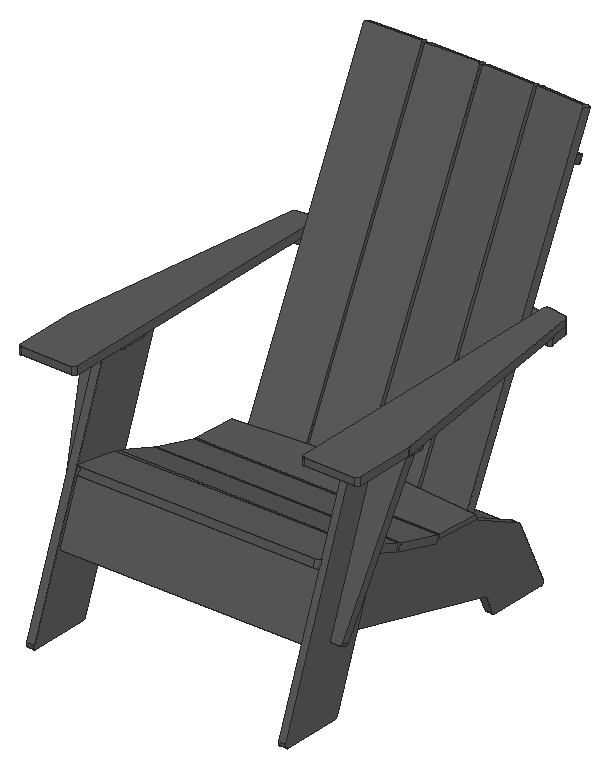
Revit family "Lollygagger Adirondack 4 Slat", category Furniture, Revit 2016
Family settings
  OmniClass Number = 23.40.20.00
  OmniClass Title = General Furniture and Specialties
  Work Plane-Based = No
  Always vertical = Yes
  Cut with Voids When Loaded = No
  Shared = No
  Room Calculation Point = No
Parameters (values of type "Loll-Black")
  Width = 34 3/4"  # constant formula
  URL = "https://lolldesigns.com/"
  Type Image = adirondack_4slat.jpg
  Thick = 5/8"  # constant formula
  Model = ""
  Manufacturer = "Loll"  # constant formula
  Length = 28 1/2"  # constant formula
  Height Arm = 20 5/64"  # constant formula
  Finish Material = Loll-Black
Reference planes (in)
  plane 1 "Center Front/Back": y = 0
  plane 2: z = 0
  plane 3 "Center Left/Right": x = 0
  plane 4: x = 14.25
  plane 5: x = -14.25
  plane 6: y = 17.37188
  plane 7: y = -17.37812
  plane 8: x = 10.86384
  plane 9: x = -10.88616
  plane 10: z = 20.07812
  plane 11: z = 19.45312
  plane 12: x = -10.26116
  plane 13: x = 10.23884
  plane 14: y = -14.04886
  plane 15: z = 18.82812
Forms (in)
  Extrusion 1, solid, material "Loll-Black" <- "Finish Material"
    sketch origin (-11.34614, -1.87695, 19.45483) x (0, -1, 0) y (1, 0, 0)
      loop
        arc (-13.25166, 1.84249) -> (-13.44224, 1.75429) -> (-13.49835, 1.55193) r 0.25
        line (-13.49835, 1.55193) -> (-13.25763, 0.09166)
        arc (-13.25763, 0.09166) -> (-13.18565, -0.04661) -> (-13.04574, -0.11535) r 0.25
        line (-13.04574, -0.11535) -> (6.77727, -2.90129)
        arc (6.77727, -2.90129) -> (6.79463, -2.90312) -> (6.81207, -2.90373) r 0.25
        line (6.81207, -2.90373) -> (11.92192, -2.90373)
        arc (11.92192, -2.90373) -> (12.09869, -2.8305) -> (12.17192, -2.65373) r 0.25
        line (12.17192, -2.65373) -> (12.17192, 1.59249)
        arc (12.17192, 1.59249) -> (12.09869, 1.76926) -> (11.92192, 1.84249) r 0.25
        line (11.92192, 1.84249) -> (-13.25166, 1.84249)
    from -0.00171 to 0.62329
  Extrusion 2, solid, material "Loll-Black" <- "Finish Material"
    sketch origin (11.32383, -1.87695, 19.45483) x (0, -1, 0) y (1, 0, 0)
      loop
        arc (-13.04574, 0.13779) -> (-13.18565, 0.06905) -> (-13.25763, -0.06921) r 0.25
        line (-13.25763, -0.06921) -> (-13.49835, -1.52948)
        arc (-13.49835, -1.52948) -> (-13.44224, -1.73184) -> (-13.25166, -1.82004) r 0.25
        line (-13.25166, -1.82004) -> (11.92192, -1.82004)
        arc (11.92192, -1.82004) -> (12.09869, -1.74682) -> (12.17192, -1.57004) r 0.25
        line (12.17192, -1.57004) -> (12.17192, 2.67617)
        arc (12.17192, 2.67617) -> (12.09869, 2.85295) -> (11.92192, 2.92617) r 0.25
        line (11.92192, 2.92617) -> (6.81207, 2.92617)
        arc (6.81207, 2.92617) -> (6.79463, 2.92556) -> (6.77727, 2.92374) r 0.25
        line (6.77727, 2.92374) -> (-13.04574, 0.13779)
    from -0.00171 to 0.62329
  Extrusion 3, solid, material "Loll-Black" <- "Finish Material"
    sketch origin (-0.01116, -13.76166, 9.0035) x (1, 0, 0) y (0, 0.358368, 0.93358)
      loop
        line (10.25, -2.72313) -> (10.25, 2.77746) -> (9.62439, 2.77746)
        arc (9.62439, 2.77746) -> (0.01123, 2.65207) -> (-9.60194, 2.77687) r 369.42266
        line (-9.60194, 2.77687) -> (-10.25, 2.77687) -> (-10.25, -2.72313) -> (10.25, -2.72313)
    from -0.625 to 0
  Extrusion 4, solid, material "Loll-Black" <- "Finish Material"
    sketch origin (-10.26116, -10.90292, 10.12102) x (0, -0.93358, 0.358368) y (0, -0.358368, -0.93358)
      loop
        line (2.51973, -9.0288) -> (2.51973, 11.44456)
        arc (2.51973, 11.44456) -> (2.41134, 11.65059) -> (2.18014, 11.67796) r 0.25
        line (2.18014, 11.67796) -> (-2.31986, 9.95057)
        arc (-2.31986, 9.95057) -> (-2.4363, 9.85878) -> (-2.48027, 9.71717) r 0.25
        line (-2.48027, 9.71717) -> (-2.48027, -10.94812) -> (-1.18605, -10.45132) -> (-1.34266, -10.04334) -> (-1.09993, -9.95017) -> (-1.05334, -10.07153) -> (0.67845, -9.40676) -> (0.63186, -9.2854) -> (0.87459, -9.19222) -> (1.0312, -9.6002) -> (2.51973, -9.0288)
    from -0.625 to 0
  Extrusion 5, solid, material "Loll-Black" <- "Finish Material"
    sketch origin (-3.01116, -10.90292, 10.12102) x (0, -0.93358, 0.358368) y (0, -0.358368, -0.93358)
      loop
        line (2.51838, -9.02932) -> (2.51838, 11.44404)
        arc (2.51838, 11.44404) -> (2.40998, 11.65007) -> (2.17879, 11.67744) r 0.25
        line (2.17879, 11.67744) -> (-2.32121, 9.95005)
        arc (-2.32121, 9.95005) -> (-2.43765, 9.85825) -> (-2.48162, 9.71665) r 0.25
        line (-2.48162, 9.71665) -> (-2.48162, -10.94864) -> (-1.18605, -10.45132) -> (-1.34402, -10.03981) -> (-1.10129, -9.94663) -> (-1.0547, -10.068) -> (0.67709, -9.40322) -> (0.6305, -9.28186) -> (0.87323, -9.18868) -> (1.0312, -9.6002) -> (2.51838, -9.02932)
    from 13.25 to 13.875
  Extrusion 6, solid, material "Loll-Black" <- "Finish Material"
    sketch origin (-9.63616, -1.7845, 5.66873) x (0, 0, 1) y (0, -1, 0)
      loop
        line (-4.03394, -6.1895) -> (-5.52439, -6.88451)
        arc (-5.52439, -6.88451) -> (-5.62958, -6.97676) -> (-5.66873, -7.11109) r 0.25
        line (-5.66873, -7.11109) -> (-5.66873, -11.91512)
        arc (-5.66873, -11.91512) -> (-5.55306, -12.12597) -> (-5.31308, -12.1417) r 0.25
        line (-5.31308, -12.1417) -> (0.02024, -9.65473)
        arc (0.02024, -9.65473) -> (0.08982, -9.60647) -> (0.13929, -9.53775) r 0.25
        line (0.13929, -9.53775) -> (2.2172, -5.27739)
        arc (2.2172, -5.27739) -> (2.23434, -5.23117) -> (2.24207, -5.18248) r 0.25
        line (2.24207, -5.18248) -> (2.47898, -1.15481) -> (3.67286, 3.0794) -> (5.26103, 7.14949) -> (5.77469, 10.10331) -> (5.61374, 10.1651)
        arc (5.61374, 10.1651) -> (5.47494, 10.29681) -> (5.46994, 10.48808) r 0.25
        line (5.46994, 10.48808) -> (0.80203, 12.27992) -> (0.70169, 12.01853) -> (-3.89898, -6.03077)
        arc (-3.89898, -6.03077) -> (-3.94914, -6.12487) -> (-4.03394, -6.1895) r 0.25
    from -0.625 to 0
  Extrusion 7, solid, material "Loll-Black" <- "Finish Material"
    sketch origin (6.86384, -1.7845, 5.66873) x (0, 0, 1) y (0, -1, 0)
      loop
        line (-4.03394, -6.1895) -> (-5.52439, -6.88451)
        arc (-5.52439, -6.88451) -> (-5.62958, -6.97676) -> (-5.66873, -7.11109) r 0.25
        line (-5.66873, -7.11109) -> (-5.66873, -11.91512)
        arc (-5.66873, -11.91512) -> (-5.55306, -12.12597) -> (-5.31308, -12.1417) r 0.25
        line (-5.31308, -12.1417) -> (0.02024, -9.65473)
        arc (0.02024, -9.65473) -> (0.08982, -9.60647) -> (0.13929, -9.53775) r 0.25
        line (0.13929, -9.53775) -> (2.2172, -5.27739)
        arc (2.2172, -5.27739) -> (2.23434, -5.23117) -> (2.24207, -5.18248) r 0.25
        line (2.24207, -5.18248) -> (2.47898, -1.15481) -> (3.67286, 3.0794) -> (5.26103, 7.14949) -> (5.77469, 10.10331) -> (5.61374, 10.1651)
        arc (5.61374, 10.1651) -> (5.47494, 10.29681) -> (5.46994, 10.48808) r 0.25
        line (5.46994, 10.48808) -> (0.80203, 12.27992) -> (0.70169, 12.01853) -> (-3.89898, -6.03077)
        arc (-3.89898, -6.03077) -> (-3.94914, -6.12487) -> (-4.03394, -6.1895) r 0.25
    from 2.75 to 3.375
  Extrusion 8, solid, material "Loll-Black" <- "Finish Material"
    sketch origin (-0.01116, 1.64458, 7.82612) x (0, 0.998275, -0.058719) y (1, 0, 0)
      loop
        arc (1.61699, -10.25) -> (2.63583, 0) -> (1.61699, 10.25) r 52.06962
        line (1.61699, 10.25) -> (-2.11282, 10.25) -> (-2.11282, -10.25) -> (1.61699, -10.25)
    from -0.625 to 0
  Extrusion 9, solid, material "Loll-Black" <- "Finish Material"
    sketch origin (-0.01116, -2.81072, 8.56787) x (0, 0.962473, -0.271379) y (1, 0, 0)
      loop
        line (2.03906, -10.25) -> (2.03906, 10.25379) -> (-2.03906, 10.25379) -> (-2.03906, -10.25) -> (2.03906, -10.25)
    from -0.625 to 0
  Extrusion 10, solid, material "Loll-Black" <- "Finish Material"
    sketch origin (-0.01116, -6.98711, 9.96881) x (0, 0.93159, -0.363512) y (1, 0, 0)
      loop
        line (-2.03906, 10.25379) -> (-2.03906, -10.25) -> (2.03906, -10.25) -> (2.03906, 10.25379) -> (-2.03906, 10.25379)
    from -0.625 to 0
  Extrusion 11, solid, material "Loll-Black" <- "Finish Material"
    sketch origin (-0.01116, -11.04345, 11.74065) x (1, 0, 0) y (0, 0.985215, -0.171324)
      loop
        line (-10.24257, 2.0734) -> (-10.24257, -1.72687)
        arc (-10.24257, -1.72687) -> (-10.13273, -1.99204) -> (-9.86757, -2.10187) r 0.375
        line (-9.86757, -2.10187) -> (9.87879, -2.10187)
        arc (9.87879, -2.10187) -> (10.14395, -1.99204) -> (10.25379, -1.72687) r 0.375
        line (10.25379, -1.72687) -> (10.25379, 2.0734) -> (-10.24257, 2.0734)
    from -0.625 to 0
  Extrusion 12, solid, material "Loll-Black" <- "Finish Material"
    sketch origin (11.80559, -10.12644, 13.06711) x (-1, 0, 0) y (0, -0.358368, -0.93358)
      loop
        line (-1.69448, -6.24736) -> (-1.69448, -6.50745) -> (0.94174, -6.50745) -> (0.94174, 7.50264) -> (0.15271, 7.50264)
        arc (0.15271, 7.50264) -> (-0.01337, 7.4395) -> (-0.09556, 7.28198) r 0.25
        line (-0.09556, 7.28198) -> (-1.69448, -6.24736)
    from -0.625 to 0
  Extrusion 13, solid, material "Loll-Black" <- "Finish Material"
    sketch origin (-11.8279, -9.54295, 12.84313) x (1, 0, 0) y (0, -0.358368, -0.93358)
      loop
        line (-1.67204, -6.24736) -> (-1.67204, -6.50745) -> (0.94174, -6.50745) -> (0.94174, 7.50264) -> (0.17516, 7.50264)
        arc (0.17516, 7.50264) -> (0.00908, 7.4395) -> (-0.07311, 7.28198) r 0.25
        line (-0.07311, 7.28198) -> (-1.67204, -6.24736)
    from -0.625 to 0
  Extrusion 14, solid, material "Loll-Black" <- "Finish Material"
    sketch origin (-0.32366, -3.77232, 7.45771) x (0, -0.983508, 0.180862) y (0, 0.180862, 0.983508)
      loop
        line (-9.48348, -1.36895) -> (9.58468, -1.36895)
        arc (9.58468, -1.36895) -> (9.60772, -1.36788) -> (9.63058, -1.3647) r 0.25
        line (9.63058, -1.3647) -> (9.66846, -1.35762) -> (9.02566, 2.08378)
        arc (9.02566, 2.08378) -> (8.99139, 2.07682) -> (8.95649, 2.07471) r 0.25
        line (8.95649, 2.07471) -> (5.73847, 2.1059) -> (1.46728, 1.2837) -> (-2.9717, 0.86985) -> (-6.63029, 1.32256) -> (-10.55812, 0.22736)
        arc (-10.55812, 0.22736) -> (-10.63343, 0.16836) -> (-10.64495, 0.07338) r 0.125
        line (-10.64495, 0.07338) -> (-10.44673, -0.63753)
        arc (-10.44673, -0.63753) -> (-10.08821, -1.16537) -> (-9.48348, -1.36895) r 1
    from -0.625 to 0
  Extrusion 15, solid, material "Loll-Black" <- "Finish Material"
    sketch origin (-0.01116, 5.8202, 6.52483) x (1, 0, 0) y (0, 0.898794, -0.438371)
      loop
        line (-9.625, 1.70263) -> (-9.625, -2.29737) -> (-9.22039, -2.29737) -> (-9.26974, -1.96342) -> (-4.87095, -1.31339) -> (-4.85102, -1.44822) -> (-4.57079, -1.42893) -> (-4.57659, -1.29899) -> (-0.14351, -1.10098) -> (-0.13749, -1.23578) -> (0.14351, -1.23578) -> (0.14351, -1.09876) -> (4.57659, -1.29677) -> (4.57079, -1.42671) -> (4.85102, -1.44601) -> (4.87095, -1.31117) -> (9.27579, -1.9621) -> (9.22624, -2.29737) -> (9.62879, -2.29737) -> (9.62879, 1.70263) -> (-9.625, 1.70263)
    from -0.625 to 0
  Extrusion 16, solid, material "Loll-Black" <- "Finish Material"
    sketch origin (-11.34614, -1.87695, 19.45312) x (1, 0, 0) y (0, -1, 0)
      loop
        arc (1.15533, 4.11078) -> (1.33182, 4.18389) -> (1.40492, 4.36037) r 0.24959
        line (1.40492, 4.36037) -> (1.40492, 6.36078)
        arc (1.40492, 6.36078) -> (1.3317, 6.53756) -> (1.15492, 6.61078) r 0.25
        line (1.15492, 6.61078) -> (-1.46629, 6.61078)
        arc (-1.46629, 6.61078) -> (-2.08501, 6.3545) -> (-2.34129, 5.73578) r 0.875
        line (-2.34129, 5.73578) -> (-2.34129, 4.98578)
        arc (-2.34129, 4.98578) -> (-2.08501, 4.36706) -> (-1.46629, 4.11078) r 0.875
        line (-1.46629, 4.11078) -> (1.15533, 4.11078)
      loop
        circle (-0.85634, 4.73887) r 0.15505
    from 0.625 to 0
  Extrusion 17, solid, material "Loll-Black" <- "Finish Material"
    sketch origin (11.34614, -1.87695, 19.45312) x (1, 0, 0) y (0, -1, 0)
      loop
        line (-1.14046, 4.11078) -> (1.48495, 4.11078)
        arc (1.48495, 4.11078) -> (2.10367, 4.36706) -> (2.35995, 4.98578) r 0.875
        line (2.35995, 4.98578) -> (2.35995, 5.73578)
        arc (2.35995, 5.73578) -> (2.10367, 6.3545) -> (1.48495, 6.61078) r 0.875
        line (1.48495, 6.61078) -> (-1.14005, 6.61078)
        arc (-1.14005, 6.61078) -> (-1.31683, 6.53756) -> (-1.39005, 6.36078) r 0.25
        line (-1.39005, 6.36078) -> (-1.39005, 4.36037)
        arc (-1.39005, 4.36037) -> (-1.31695, 4.18389) -> (-1.14046, 4.11078) r 0.24959
      loop
        circle (0.87499, 4.73887) r 0.15505
    from 0.625 to 0
  Extrusion 18, solid, material "Loll-Black" <- "Finish Material"
    sketch origin (-7.07702, 10.42112, 19.69219) x (-0.989257, -0.131392, 0.064084) y (0, 0.438371, 0.898794)
      loop
        arc (-2.09375, 14.52335) -> (-2.18214, 14.48673) -> (-2.21875, 14.39835) r 0.125
        line (-2.21875, 14.39835) -> (-2.21875, -14.47665) -> (2.21875, -14.47665) -> (2.21875, 14.39835)
        arc (2.21875, 14.39835) -> (2.18214, 14.48673) -> (2.09375, 14.52335) r 0.125
        line (2.09375, 14.52335) -> (-2.09375, 14.52335)
    from -0.625 to 0
  Extrusion 19, solid, material "Loll-Black" <- "Finish Material"
    sketch origin (-2.34776, 10.26381, 19.79582) x (0, 0.438371, 0.898794) y (-0.999004, -0.040107, 0.019562)
      loop
        line (14.49917, -2.0982) -> (14.49917, 2.0893)
        arc (14.49917, 2.0893) -> (14.46256, 2.17769) -> (14.37417, 2.2143) r 0.125
        line (14.37417, 2.2143) -> (-14.50083, 2.2143) -> (-14.50083, -1.9107) -> (-14.43833, -1.9107)
        arc (-14.43833, -1.9107) -> (-14.26156, -1.98392) -> (-14.18833, -2.1607) r 0.25
        line (-14.18833, -2.1607) -> (-14.18833, -2.2232) -> (14.37417, -2.2232)
        arc (14.37417, -2.2232) -> (14.46256, -2.18659) -> (14.49917, -2.0982) r 0.125
    from -0.625 to 0
  Extrusion 20, solid, material "Loll-Black" <- "Finish Material"
    sketch origin (7.07702, 10.42112, 19.69219) x (0.989257, -0.131392, 0.064084) y (0, -0.438371, -0.898794)
      loop
        line (-2.09375, -14.52335) -> (2.09375, -14.52335)
        arc (2.09375, -14.52335) -> (2.18214, -14.48673) -> (2.21875, -14.39835) r 0.125
        line (2.21875, -14.39835) -> (2.21875, 14.47665) -> (-2.21875, 14.47665) -> (-2.21875, -14.39835)
        arc (-2.21875, -14.39835) -> (-2.18214, -14.48673) -> (-2.09375, -14.52335) r 0.125
    from -0.625 to 0
  Extrusion 21, solid, material "Loll-Black" <- "Finish Material"
    sketch origin (2.34776, 10.26381, 19.79582) x (0, 0.438371, 0.898794) y (-0.999004, 0.040107, -0.019562)
      loop
        arc (14.49917, 2.0982) -> (14.46256, 2.18659) -> (14.37417, 2.2232) r 0.125
        line (14.37417, 2.2232) -> (-14.18833, 2.2232) -> (-14.18833, 2.1607)
        arc (-14.18833, 2.1607) -> (-14.26156, 1.98392) -> (-14.43833, 1.9107) r 0.25
        line (-14.43833, 1.9107) -> (-14.50083, 1.9107) -> (-14.50083, -2.2143) -> (14.37417, -2.2143)
        arc (14.37417, -2.2143) -> (14.46256, -2.17769) -> (14.49917, -2.0893) r 0.125
        line (14.49917, -2.0893) -> (14.49917, 2.0982)
    from -0.625 to 0
  Extrusion 22, solid, material "Loll-Black" <- "Finish Material"
    sketch origin (-7.22706, 10.53671, 18.53855) x (-0.070356, 0.427917, 0.901076) y (0.986752, 0.162236, 0)
      loop
        line (-1.33393, 0.5) -> (-1.33393, -0.5)
        arc (-1.33393, -0.5) -> (-1.07765, -1.11872) -> (-0.45893, -1.375) r 0.875
        line (-0.45893, -1.375) -> (0.91607, -1.375)
        arc (0.91607, -1.375) -> (1.09284, -1.30178) -> (1.16607, -1.125) r 0.25
        line (1.16607, -1.125) -> (1.16607, 1.125)
        arc (1.16607, 1.125) -> (1.09284, 1.30178) -> (0.91607, 1.375) r 0.25
        line (0.91607, 1.375) -> (-0.45893, 1.375)
        arc (-0.45893, 1.375) -> (-1.07765, 1.11872) -> (-1.33393, 0.5) r 0.875
      loop
        circle (-0.83294, -0.00056) r 0.14999
    from -0.625 to 0
  Extrusion 23, solid, material "Loll-Black" <- "Finish Material"
    sketch origin (-2.38934, 10.47643, 18.80883) x (0.998767, 0.049636, 0) y (-0.021737, 0.437395, 0.899007)
      loop
        arc (0.5, -1.33393) -> (1.11872, -1.07765) -> (1.375, -0.45893) r 0.875
        line (1.375, -0.45893) -> (1.375, 0.91607)
        arc (1.375, 0.91607) -> (1.30178, 1.09284) -> (1.125, 1.16607) r 0.25
        line (1.125, 1.16607) -> (-1.125, 1.16607)
        arc (-1.125, 1.16607) -> (-1.30178, 1.09284) -> (-1.375, 0.91607) r 0.25
        line (-1.375, 0.91607) -> (-1.375, -0.45893)
        arc (-1.375, -0.45893) -> (-1.11872, -1.07765) -> (-0.5, -1.33393) r 0.875
        line (-0.5, -1.33393) -> (0.5, -1.33393)
      loop
        circle (-0.00166, -0.83134) r 0.14974
    from -0.625 to 0
  Extrusion 24, solid, material "Loll-Black" <- "Finish Material"
    sketch origin (7.22706, 10.53671, 18.53855) x (0.070356, 0.427917, 0.901076) y (0.986752, -0.162236, 0)
      loop
        arc (-1.33393, -0.5) -> (-1.07765, -1.11872) -> (-0.45893, -1.375) r 0.875
        line (-0.45893, -1.375) -> (0.91607, -1.375)
        arc (0.91607, -1.375) -> (1.09284, -1.30178) -> (1.16607, -1.125) r 0.25
        line (1.16607, -1.125) -> (1.16607, 1.125)
        arc (1.16607, 1.125) -> (1.09284, 1.30178) -> (0.91607, 1.375) r 0.25
        line (0.91607, 1.375) -> (-0.45893, 1.375)
        arc (-0.45893, 1.375) -> (-1.07765, 1.11872) -> (-1.33393, 0.5) r 0.875
        line (-1.33393, 0.5) -> (-1.33393, -0.5)
      loop
        circle (-0.83294, 0.00056) r 0.14999
    from -0.625 to 0
  Extrusion 25, solid, material "Loll-Black" <- "Finish Material"
    sketch origin (2.38934, 10.47643, 18.80883) x (-0.998767, 0.049636, 0) y (-0.021737, -0.437395, -0.899007)
      loop
        line (0.5, 1.33393) -> (-0.5, 1.33393)
        arc (-0.5, 1.33393) -> (-1.11872, 1.07765) -> (-1.375, 0.45893) r 0.875
        line (-1.375, 0.45893) -> (-1.375, -0.91607)
        arc (-1.375, -0.91607) -> (-1.30178, -1.09284) -> (-1.125, -1.16607) r 0.25
        line (-1.125, -1.16607) -> (1.125, -1.16607)
        arc (1.125, -1.16607) -> (1.30178, -1.09284) -> (1.375, -0.91607) r 0.25
        line (1.375, -0.91607) -> (1.375, 0.45893)
        arc (1.375, 0.45893) -> (1.11872, 1.07765) -> (0.5, 1.33393) r 0.875
      loop
        circle (-0.00166, 0.83134) r 0.14974
    from -0.625 to 0
  Extrusion 26, solid, material "Loll-Black" <- "Finish Material"
    sketch origin (-7.22706, 15.15449, 28.0064) x (-0.070356, 0.427917, 0.901076) y (0.986752, 0.162236, 0)
      loop
        circle (-0.10763, 0.30253) r 0.15414
      loop
        line (0.75534, 1.36649) -> (0.19427, 1.32648)
        arc (0.19427, 1.32648) -> (-0.73208, 0.2579) -> (0.33651, -0.66845) r 1
        line (0.33651, -0.66845) -> (0.89758, -0.62845) -> (0.75534, 1.36649)
    from -0.625 to 0
  Extrusion 27, solid, material "Loll-Black" <- "Finish Material"
    sketch origin (-2.38934, 15.09421, 28.27668) x (0.998767, 0.049636, 0) y (-0.021737, 0.437395, 0.899007)
      loop
        line (-0.96782, 0.65532) -> (-0.98006, 0.09296)
        arc (-0.98006, 0.09296) -> (-0.00206, -0.92857) -> (1.01946, 0.04944) r 1
        line (1.01946, 0.04944) -> (1.0317, 0.6118) -> (-0.96782, 0.65532)
      loop
        circle (0.01079, -0.30387) r 0.15479
    from -0.625 to 0
  Extrusion 28, solid, material "Loll-Black" <- "Finish Material"
    sketch origin (7.22706, 15.15449, 28.0064) x (0.070356, 0.427917, 0.901076) y (0.986752, -0.162236, 0)
      loop
        circle (-0.10763, -0.30253) r 0.15414
      loop
        line (0.74038, -1.36542) -> (0.88262, 0.62951) -> (0.33651, 0.66845)
        arc (0.33651, 0.66845) -> (-0.73208, -0.2579) -> (0.19427, -1.32648) r 1
        line (0.19427, -1.32648) -> (0.74038, -1.36542)
    from -0.625 to 0
  Extrusion 29, solid, material "Loll-Black" <- "Finish Material"
    sketch origin (2.38934, 15.09421, 28.27668) x (-0.998767, 0.049636, 0) y (-0.021737, -0.437395, -0.899007)
      loop
        line (-0.96782, -0.65532) -> (1.0317, -0.6118) -> (1.01946, -0.04944)
        arc (1.01946, -0.04944) -> (-0.00206, 0.92857) -> (-0.98006, -0.09296) r 1
        line (-0.98006, -0.09296) -> (-0.96782, -0.65532)
      loop
        circle (0.01079, 0.30387) r 0.15479
    from -0.625 to 0
  Extrusion 30, solid, material "Loll-Black" <- "Finish Material"
    sketch origin (-0.01116, 15.88921, 28.59444) x (0, 0.898794, -0.438371) y (1, 0, 0)
      loop
        line (1.12058, -5.03218) -> (1.34536, 0) -> (1.12058, 5.03207) -> (0.63501, 8.33304)
        arc (0.63501, 8.33304) -> (0.56692, 8.47079) -> (0.43111, 8.54269) r 0.25
        line (0.43111, 8.54269) -> (-1.26916, 8.84249) -> (-0.68778, 4.89316) -> (-0.87398, 4.86574) -> (-0.86169, 4.59049) -> (-0.67338, 4.59891) -> (-0.47437, 0.14356) -> (-0.65058, 0.13569) -> (-0.66268, -0.13515) -> (-0.47536, -0.14351) -> (-0.67338, -4.57659) -> (-0.86069, -4.56823) -> (-0.87299, -4.84358) -> (-0.68804, -4.87095) -> (-1.27254, -8.82065) -> (0.43111, -8.52025)
        arc (0.43111, -8.52025) -> (0.56692, -8.44834) -> (0.63501, -8.31059) r 0.25
        line (0.63501, -8.31059) -> (1.12058, -5.03218)
    from -0.625 to 0
  Extrusion 31, solid, material "Loll-Black" <- "Finish Material"
    sketch origin (-0.01116, 10.96931, 18.82983) x (0, -1, 0) y (1, 0, 0)
      loop
        line (-1.42725, -5.06811) -> (-0.41137, -11.24333)
        arc (-0.41137, -11.24333) -> (-0.33939, -11.38159) -> (-0.19948, -11.45033) r 0.25
        line (-0.19948, -11.45033) -> (1.35806, -11.66923)
        arc (1.35806, -11.66923) -> (1.55692, -11.61032) -> (1.64292, -11.42159) r 0.25007
        line (1.64292, -11.42159) -> (1.64292, -10.05787) -> (1.37176, -10.10245) -> (1.10944, -8.50681) -> (0.20886, -8.65487) -> (-0.24216, -5.91149) -> (0.65712, -5.76364) -> (0.51004, -4.86903) -> (0.45551, -3.7718) -> (-0.45596, -3.81709) -> (-0.59395, -1.04052) -> (0.31752, -0.99522) -> (0.26806, 0) -> (0.31752, 0.99522) -> (-0.59395, 1.04052) -> (-0.45596, 3.81709) -> (0.45551, 3.7718) -> (0.51004, 4.86903) -> (0.66084, 5.78609) -> (-0.24216, 5.93458) -> (0.20886, 8.67732) -> (1.10922, 8.52926) -> (1.37161, 10.1249) -> (1.64271, 10.08032) -> (1.64271, 11.44426)
        arc (1.64271, 11.44426) -> (1.55677, 11.63283) -> (1.35806, 11.69168) r 0.24986
        line (1.35806, 11.69168) -> (-0.19948, 11.47278)
        arc (-0.19948, 11.47278) -> (-0.33939, 11.40404) -> (-0.41137, 11.26577) r 0.25
        line (-0.41137, 11.26577) -> (-1.42725, 5.0912) -> (-1.6795, 0) -> (-1.42725, -5.06811)
    from -0.00171 to 0.62329
  Extrusion 32, solid, material "Loll-Black" <- "Finish Material"
    sketch origin (-0.01116, -13.76166, 9.0035) x (1, 0, 0) y (0, 0.358368, 0.93358)
      loop
        arc (0.875, -0.22284) -> (1.875, 0.77716) -> (0.875, 1.77716) r 1
        line (0.875, 1.77716) -> (0.3125, 1.77716) -> (0.3125, -0.22284) -> (0.875, -0.22284)
      loop
        circle (1.24771, 0.77295) r 0.15472
    from -1.25 to -0.625
  Extrusion 33, solid, material "Loll-Black" <- "Finish Material"
    sketch origin (-9.94866, -14.03044, 8.30331) x (1, 0, 0) y (0, 0.358368, 0.93358)
      loop
        arc (0.875, -0.22284) -> (1.875, 0.77716) -> (0.875, 1.77716) r 1
        line (0.875, 1.77716) -> (0.3125, 1.77716) -> (0.3125, -0.22284) -> (0.875, -0.22284)
      loop
        circle (1.24771, 0.77295) r 0.15472
    from -1.25 to -0.625
  Extrusion 34, solid, material "Loll-Black" <- "Finish Material"
    sketch origin (9.92501, -13.47351, 9.75415) x (-1, 0, 0) y (0, -0.358368, -0.93358)
      loop
        arc (0.8562, -0.22284) -> (1.8562, 0.77716) -> (0.8562, 1.77716) r 1
        line (0.8562, 1.77716) -> (0.31116, 1.77716) -> (0.31116, -0.22284) -> (0.8562, -0.22284)
      loop
        circle (1.22891, 0.77295) r 0.15472
    from -1.25 to -0.625
  Extrusion 35, solid, material "Loll-Black" <- "Finish Material"
    sketch origin (6.86384, -1.7845, 5.66873) x (0, 0, 1) y (0, -1, 0)
      loop
        line (0.78052, -6.33392) -> (0.27495, -6.08734)
        arc (0.27495, -6.08734) -> (-1.06221, -6.54776) -> (-0.60179, -7.88493) r 1
        line (-0.60179, -7.88493) -> (-0.09622, -8.13151) -> (0.78052, -6.33392)
      loop
        circle (-0.50097, -6.82302) r 0.15501
    from 2.125 to 2.75
  Extrusion 36, solid, material "Loll-Black" <- "Finish Material"
    sketch origin (-6.86384, -1.7845, 5.66873) x (0, 0, 1) y (0, 1, 0)
      loop
        line (0.78052, 6.33392) -> (-0.09622, 8.13151) -> (-0.60179, 7.88493)
        arc (-0.60179, 7.88493) -> (-1.06221, 6.54776) -> (0.27495, 6.08734) r 1
        line (0.27495, 6.08734) -> (0.78052, 6.33392)
      loop
        circle (-0.50097, 6.82302) r 0.15501
    from 2.14731 to 2.77231
  Extrusion 37, solid, material "Loll-Black" <- "Finish Material"
    sketch origin (0.7958, 5.11778, 5.47737) x (-1, 0, 0) y (0, 0.898794, -0.438371)
      loop
        line (0.49446, 1) -> (-0.06804, 1)
        arc (-0.06804, 1) -> (-1.06804, 0) -> (-0.06804, -1) r 1
        line (-0.06804, -1) -> (0.49446, -1) -> (0.49446, 1)
      loop
        circle (-0.44312, 0.00029) r 0.15386
    from -0.62438 to 0
  Extrusion 38, solid, material "Loll-Black" <- "Finish Material"
    sketch origin (-0.01116, -11.04345, 11.74065) x (1, 0, 0) y (0, 0.985215, -0.171324)
      loop
        line (-9.625, 1.5109) -> (-9.625, -0.4891) -> (-9.0625, -0.4891)
        arc (-9.0625, -0.4891) -> (-8.0625, 0.5109) -> (-9.0625, 1.5109) r 1
        line (-9.0625, 1.5109) -> (-9.625, 1.5109)
      loop
        circle (-8.68248, 0.51062) r 0.15521
    from -1.25 to -0.625
  Extrusion 39, solid, material "Loll-Black" <- "Finish Material"
    sketch origin (0.01116, -11.04345, 11.74065) x (-1, 0, 0) y (0, -0.985215, 0.171324)
      loop
        line (-9.60269, -1.5109) -> (-9.0813, -1.5109)
        arc (-9.0813, -1.5109) -> (-8.0813, -0.5109) -> (-9.0813, 0.4891) r 1
        line (-9.0813, 0.4891) -> (-9.60269, 0.4891) -> (-9.60269, -1.5109)
      loop
        circle (-8.70128, -0.51062) r 0.15521
    from -1.25 to -0.625
  Extrusion 40, solid, material "Loll-Black" <- "Finish Material"
    sketch origin (-0.01116, -7.2143, 9.38657) x (0, 0.93159, -0.363512) y (1, 0, 0)
      loop
        line (1, 9.0813) -> (1, 9.625) -> (-1, 9.625) -> (-1, 9.0813)
        arc (-1, 9.0813) -> (0, 8.0813) -> (1, 9.0813) r 1
      loop
        circle (-0.00076, 8.70652) r 0.15471
    from -0.625 to 0
  Extrusion 41, solid, material "Loll-Black" <- "Finish Material"
    sketch origin (0.01116, -7.2143, 9.38657) x (0, 0.93159, -0.363512) y (1, 0, 0)
      loop
        arc (1, -9.0625) -> (0, -8.0625) -> (-1, -9.0625) r 1
        line (-1, -9.0625) -> (-1, -9.64731) -> (1, -9.64731) -> (1, -9.0625)
      loop
        circle (-0.00076, -8.68772) r 0.15471
    from -0.625 to 0
  Extrusion 42, solid, material "Loll-Black" <- "Finish Material"
    sketch origin (-0.01116, -2.98033, 7.96632) x (0, 0.962473, -0.271379) y (1, 0, 0)
      loop
        line (-1, 9.62121) -> (-1, 9.07751)
        arc (-1, 9.07751) -> (0, 8.07751) -> (1, 9.07751) r 1
        line (1, 9.07751) -> (1, 9.62121) -> (-1, 9.62121)
      loop
        circle (-0.00006, 8.70285) r 0.15572
    from -0.625 to 0
  Extrusion 43, solid, material "Loll-Black" <- "Finish Material"
    sketch origin (0.01116, -2.98033, 7.96632) x (0, 0.962473, -0.271379) y (1, 0, 0)
      loop
        line (-1, -9.64731) -> (1, -9.64731) -> (1, -9.06629)
        arc (1, -9.06629) -> (0, -8.06629) -> (-1, -9.06629) r 1
        line (-1, -9.06629) -> (-1, -9.64731)
      loop
        circle (-0.00006, -8.69163) r 0.15572
    from -0.625 to 0
  Extrusion 44, solid, material "Loll-Black" <- "Finish Material"
    sketch origin (-0.01116, 1.64458, 7.82612) x (0, 0.998275, -0.058719) y (1, 0, 0)
      loop
        line (-1.33687, -9.0625) -> (-1.33687, -9.625) -> (0.66313, -9.625) -> (0.66313, -9.0625)
        arc (0.66313, -9.0625) -> (-0.33687, -8.0625) -> (-1.33687, -9.0625) r 1
      loop
        circle (-0.33658, -8.689) r 0.15482
    from 0 to 0.625
  Extrusion 45, solid, material "Loll-Black" <- "Finish Material"
    sketch origin (0.01116, 1.64458, 7.82612) x (0, 0.998275, -0.058719) y (1, 0, 0)
      loop
        arc (-1.33687, 9.0813) -> (-0.33687, 8.0813) -> (0.66313, 9.0813) r 1
        line (0.66313, 9.0813) -> (0.66313, 9.60269) -> (-1.33687, 9.60269) -> (-1.33687, 9.0813)
      loop
        circle (-0.33658, 8.7078) r 0.15482
    from 0 to 0.625
Lines and regions (in)
  Masking region 1
    outline origin (20.39075, 0, 8.91953) x (1, 0, 0) y (0, 0, 1)
      loop
        line (-24.9785, 20.6181) -> (-25.18149, 20.62207) -> (-25.18149, 23.84663)
        spline (-25.18149, 23.84663) -> (-25.18255, 23.86137) -> (-25.1857, 23.87598) -> (-25.1909, 23.89024) -> (-25.19806, 23.90388) -> (-25.20704, 23.91668) -> (-25.21771, 23.92842) -> (-25.22987, 23.9389) -> (-25.24332, 23.94794) -> (-25.25782, 23.95538) -> (-25.27314, 23.96109) -> (-25.28901, 23.96499) -> (-25.30515, 23.96699)
        line (-25.30515, 23.96699) -> (-29.44766, 24.23534)
        spline (-29.44766, 24.23534) -> (-29.46033, 24.23557) -> (-29.47286, 24.23462) -> (-29.48513, 24.23249) -> (-29.497, 24.22921) -> (-29.50836, 24.22481) -> (-29.51907, 24.21934) -> (-29.52904, 24.21286) -> (-29.53815, 24.20543) -> (-29.5463, 24.19714) -> (-29.55342, 24.18806) -> (-29.55943, 24.1783) -> (-29.56426, 24.16796)
        line (-29.56426, 24.16796) -> (-29.66268, 23.87653) -> (-29.66268, 10.53359) -> (-29.89409, 10.53359) -> (-29.89409, 11.15859) -> (-34.64075, 11.15859) -> (-34.64075, 10.53359) -> (-34.07818, 10.53359) -> (-34.07818, 9.90859) -> (-33.89068, 9.90859) -> (-33.89068, 9.75601) -> (-32.29176, -2.87472)
        spline (-32.29176, -2.87472) -> (-32.2864, -2.90252) -> (-32.27748, -2.92951) -> (-32.26513, -2.95529) -> (-32.24954, -2.9795) -> (-32.23093, -3.00177) -> (-32.20957, -3.02178) -> (-32.18578, -3.03923) -> (-32.15991, -3.05387) -> (-32.13233, -3.06549) -> (-32.10345, -3.07391) -> (-32.07369, -3.07901) -> (-32.04349, -3.08072)
        line (-32.04349, -3.08072) -> (-31.27691, -3.08072) -> (-31.27691, -8.91953) -> (-30.02691, -8.91953) -> (-30.02691, -4.41422) -> (-29.40191, -4.41422) -> (-29.40191, -3.70283) -> (-20.71441, -3.70283) -> (-20.71441, -4.53989) -> (-20.08941, -4.53989) -> (-20.08941, -3.88053) -> (-19.52691, -3.88053)
        spline (-19.52691, -3.88053) -> (-19.44915, -3.87921) -> (-19.37187, -3.87523) -> (-19.29553, -3.86864) -> (-19.22058, -3.85946) -> (-19.1475, -3.84776) -> (-19.0767, -3.8336) -> (-19.00864, -3.81706) -> (-18.94371, -3.79826) -> (-18.88232, -3.77731) -> (-18.82482, -3.75432) -> (-18.77158, -3.72945) -> (-18.72291, -3.70283)
        line (-18.72291, -3.70283) -> (-11.40191, -3.70283) -> (-11.40191, -4.41422) -> (-10.77691, -4.41422) -> (-10.77691, -8.91953) -> (-9.52691, -8.91953) -> (-9.52691, -3.08072) -> (-8.73801, -3.08072)
        spline (-8.73801, -3.08072) -> (-8.70781, -3.07901) -> (-8.67805, -3.07391) -> (-8.64917, -3.06549) -> (-8.6216, -3.05387) -> (-8.59572, -3.03923) -> (-8.57193, -3.02178) -> (-8.55058, -3.00177) -> (-8.53196, -2.9795) -> (-8.51637, -2.95529) -> (-8.50402, -2.92951) -> (-8.4951, -2.90252) -> (-8.48974, -2.87472)
        line (-8.48974, -2.87472) -> (-6.89082, 9.75601) -> (-6.89082, 9.90859) -> (-6.68345, 9.90859) -> (-6.68345, 10.53359) -> (-6.14075, 10.53359) -> (-6.14075, 11.15859) -> (-10.88728, 11.15859) -> (-10.88728, 10.53359) -> (-11.11882, 10.53359) -> (-11.11882, 23.87653) -> (-11.21724, 24.16796)
        spline (-11.21724, 24.16796) -> (-11.22207, 24.1783) -> (-11.22808, 24.18806) -> (-11.2352, 24.19714) -> (-11.24336, 24.20543) -> (-11.25246, 24.21286) -> (-11.26243, 24.21934) -> (-11.27315, 24.22481) -> (-11.2845, 24.22921) -> (-11.29637, 24.23249) -> (-11.30864, 24.23462) -> (-11.32118, 24.23557) -> (-11.33384, 24.23534)
        line (-11.33384, 24.23534) -> (-15.47636, 23.96699)
        spline (-15.47636, 23.96699) -> (-15.4925, 23.96499) -> (-15.50836, 23.96109) -> (-15.52368, 23.95538) -> (-15.53818, 23.94794) -> (-15.55163, 23.9389) -> (-15.5638, 23.92842) -> (-15.57446, 23.91668) -> (-15.58345, 23.90388) -> (-15.5906, 23.89024) -> (-15.5958, 23.87598) -> (-15.59896, 23.86137) -> (-15.60001, 23.84663)
        line (-15.60001, 23.84663) -> (-15.60001, 20.62207) -> (-15.803, 20.6181) -> (-15.803, 23.58155) -> (-15.83215, 23.85889)
        spline (-15.83215, 23.85889) -> (-15.83513, 23.87192) -> (-15.83981, 23.88452) -> (-15.84614, 23.89649) -> (-15.85402, 23.90767) -> (-15.86333, 23.9179) -> (-15.87396, 23.92703) -> (-15.88575, 23.93494) -> (-15.89852, 23.94152) -> (-15.91211, 23.94666) -> (-15.92631, 23.9503) -> (-15.94093, 23.95239) -> (-15.95577, 23.9529)
        line (-15.95577, 23.9529) -> (-20.1391, 23.87098)
        spline (-20.1391, 23.87098) -> (-20.15539, 23.8697) -> (-20.17142, 23.86652) -> (-20.18688, 23.86149) -> (-20.20153, 23.85471) -> (-20.21511, 23.84628) -> (-20.2274, 23.83635) -> (-20.23817, 23.82509) -> (-20.24724, 23.81269) -> (-20.25447, 23.79937) -> (-20.25972, 23.78535) -> (-20.2629, 23.77087) -> (-20.26397, 23.75619)
        line (-20.26397, 23.75619) -> (-20.26397, 20.53075) -> (-20.39075, 20.53075) -> (-20.51753, 20.53075) -> (-20.51753, 23.75619)
        spline (-20.51753, 23.75619) -> (-20.5186, 23.77087) -> (-20.52179, 23.78535) -> (-20.52704, 23.79937) -> (-20.53426, 23.81269) -> (-20.54334, 23.82509) -> (-20.55411, 23.83635) -> (-20.56639, 23.84628) -> (-20.57997, 23.85471) -> (-20.59462, 23.86149) -> (-20.61009, 23.86652) -> (-20.62611, 23.8697) -> (-20.64241, 23.87098)
        line (-20.64241, 23.87098) -> (-24.82574, 23.9529)
        spline (-24.82574, 23.9529) -> (-24.84057, 23.95239) -> (-24.85519, 23.9503) -> (-24.86939, 23.94666) -> (-24.88298, 23.94152) -> (-24.89576, 23.93494) -> (-24.90754, 23.92703) -> (-24.91817, 23.9179) -> (-24.92749, 23.90767) -> (-24.93536, 23.89649) -> (-24.94169, 23.88452) -> (-24.94638, 23.87192) -> (-24.94935, 23.85889)
        line (-24.94935, 23.85889) -> (-24.9785, 23.58155) -> (-24.9785, 20.6181)
      loop
        line (-11.11882, 3.18122) -> (-10.52312, 3.18122)
        spline (-10.52312, 3.18122) -> (-10.47858, 3.18077) -> (-10.43468, 3.17941) -> (-10.39202, 3.17717) -> (-10.35122, 3.17407) -> (-10.31286, 3.17017) -> (-10.27747, 3.16552) -> (-10.24556, 3.16018) -> (-10.21757, 3.15422) -> (-10.19392, 3.14774) -> (-10.17492, 3.14083) -> (-10.16085, 3.13357) -> (-10.15191, 3.12608)
        line (-10.15191, 3.12608) -> (-10.15191, 9.90859) -> (-11.11882, 9.90859) -> (-11.11882, 3.18122)
      loop
        line (-30.65191, 9.9103) -> (-30.65191, 3.11986)
        spline (-30.65191, 3.11986) -> (-30.64675, 3.12797) -> (-30.63562, 3.13591) -> (-30.61871, 3.14355) -> (-30.59629, 3.15075) -> (-30.56871, 3.15741) -> (-30.53643, 3.16341) -> (-30.49997, 3.16867) -> (-30.4599, 3.17309) -> (-30.41689, 3.1766) -> (-30.37163, 3.17916) -> (-30.32484, 3.1807) -> (-30.27728, 3.18122)
        line (-30.27728, 3.18122) -> (-29.66268, 3.18122) -> (-29.66268, 9.9103) -> (-30.65191, 9.9103)
      loop
        line (-15.803, 10.53359) -> (-15.60001, 10.53359) -> (-15.60001, 19.17918) -> (-15.803, 19.17918) -> (-15.803, 10.53359)
      loop
        line (-24.9785, 10.53359) -> (-24.9785, 19.1752) -> (-25.18149, 19.17918) -> (-25.18149, 10.53359) -> (-24.9785, 10.53359)
      loop
        line (-20.40191, 10.53359) -> (-20.26397, 10.53359) -> (-20.26397, 19.08785) -> (-20.40191, 19.08515) -> (-20.51753, 19.08741) -> (-20.51753, 10.53359) -> (-20.40191, 10.53359)
      loop
        line (-15.60001, 9.9103) -> (-15.803, 9.9103) -> (-15.803, 3.18122) -> (-15.60001, 3.18122) -> (-15.60001, 9.9103)
      loop
        line (-20.51753, 3.18122) -> (-20.26397, 3.18122) -> (-20.26397, 9.9103) -> (-20.51753, 9.9103) -> (-20.51753, 3.18122)
      loop
        line (-25.18149, 9.9103) -> (-25.18149, 3.18122) -> (-24.9785, 3.18122) -> (-24.9785, 9.9103) -> (-25.18149, 9.9103)
  Masking region 2
    outline origin (0, -1.72282, 0) x (0, -1, 0) y (0, 0, 1)
      loop
        line (-13.34753, 20.07812) -> (-13.34753, 19.45312) -> (12.32604, 19.45312) -> (12.32604, 20.07812) -> (-13.34753, 20.07812)
      loop
        line (-19.09521, 28.56643) -> (-18.82123, 28.00468) -> (-16.46828, 29.15229) -> (-16.74226, 29.71404) -> (-19.09521, 28.56643)
      loop
        line (-12.97124, 18.82813) -> (-12.62795, 18.12254)
        spline (-12.62795, 18.12254) -> (-12.57762, 18.01986) -> (-12.52742, 17.91894) -> (-12.47818, 17.82151) -> (-12.43077, 17.72922) -> (-12.38599, 17.64367) -> (-12.34461, 17.5663) -> (-12.30733, 17.49846) -> (-12.27479, 17.44129) -> (-12.24755, 17.39578) -> (-12.22608, 17.36271) -> (-12.21074, 17.34264) -> (-12.2018, 17.33591)
        line (-12.2018, 17.33591) -> (-12.15216, 17.33591) -> (-11.90283, 17.45752)
        spline (-11.90283, 17.45752) -> (-11.88815, 17.43863) -> (-11.87404, 17.42124) -> (-11.86052, 17.40539) -> (-11.84762, 17.39112) -> (-11.83537, 17.37845) -> (-11.8238, 17.36741) -> (-11.81292, 17.35803) -> (-11.80277, 17.35033) -> (-11.79337, 17.34432) -> (-11.78473, 17.34002) -> (-11.77688, 17.33743) -> (-11.76984, 17.33657)
        line (-11.76984, 17.33657) -> (-11.6076, 17.33657) -> (-11.05189, 17.60761)
        spline (-11.05189, 17.60761) -> (-11.03656, 17.61435) -> (-11.02791, 17.63448) -> (-11.02607, 17.66763) -> (-11.03107, 17.71324) -> (-11.04285, 17.77054) -> (-11.06118, 17.83854) -> (-11.08576, 17.91608) -> (-11.11617, 18.00183) -> (-11.15188, 18.09433) -> (-11.19229, 18.19199) -> (-11.2367, 18.29314) -> (-11.28436, 18.39605)
        line (-11.28436, 18.39605) -> (-11.48955, 18.82813) -> (-12.97124, 18.82813)
      loop
        line (11.13619, 12.05637) -> (11.36447, 11.46169) -> (11.4985, 11.485) -> (11.39142, 12.10075) -> (11.13619, 12.05637)
      loop
        line (8.33003, 5.41453) -> (6.34297, 10.59099) -> (3.14108, 9.34159) -> (-1.09314, 8.14771) -> (-5.1208, 7.9108)
        arc (-5.1208, 7.9108) -> (-5.16949, 7.90307) -> (-5.21571, 7.88593) r 0.25
        line (-5.21571, 7.88593) -> (-9.47607, 5.80802)
        arc (-9.47607, 5.80802) -> (-9.54479, 5.75855) -> (-9.59305, 5.68898) r 0.25
        line (-9.59305, 5.68898) -> (-12.08002, 0.35565)
        arc (-12.08002, 0.35565) -> (-12.06429, 0.11568) -> (-11.85344, 0) r 0.25
        line (-11.85344, 0) -> (-7.04941, 0)
        arc (-7.04941, 0) -> (-6.91508, 0.03915) -> (-6.82283, 0.14435) r 0.25
        line (-6.82283, 0.14435) -> (-6.12783, 1.63479)
        arc (-6.12783, 1.63479) -> (-6.06319, 1.7196) -> (-5.96909, 1.76975) r 0.25
        line (-5.96909, 1.76975) -> (8.33003, 5.41453)
  Masking region 3
    outline origin (0, 0, 0) x (1, 0, 0) y (0, 1, 0)
      loop
        line (0, 17.37284) -> (-5.04333, 17.17036) -> (-8.32183, 16.73393)
        spline (-8.32183, 16.73393) -> (-8.34302, 16.73026) -> (-8.36379, 16.72496) -> (-8.38397, 16.71808) -> (-8.40341, 16.70965) -> (-8.42198, 16.69974) -> (-8.43952, 16.68844) -> (-8.45591, 16.67581) -> (-8.47103, 16.66197) -> (-8.48476, 16.647) -> (-8.49701, 16.63102) -> (-8.50768, 16.61415) -> (-8.51668, 16.59652)
        line (-8.51668, 16.59652) -> (-9.14828, 16.51264)
        spline (-9.14828, 16.51264) -> (-9.16442, 16.51002) -> (-9.18028, 16.50652) -> (-9.1956, 16.50218) -> (-9.2101, 16.49708) -> (-9.22355, 16.49131) -> (-9.23571, 16.48497) -> (-9.24638, 16.47817) -> (-9.25537, 16.47101) -> (-9.26252, 16.46363) -> (-9.26772, 16.45616) -> (-9.27087, 16.44871) -> (-9.27193, 16.44141)
        line (-9.27193, 16.44141) -> (-9.27193, 11.6694) -> (-11.25448, 11.38069)
        arc (-11.25448, 11.38069) -> (-11.39275, 11.3087) -> (-11.46149, 11.16879) r 0.25
        line (-11.46149, 11.16879) -> (-14.25, -8.67153) -> (-14.25, -13.79886)
        arc (-14.25, -13.79886) -> (-14.17678, -13.97564) -> (-14, -14.04886) r 0.25
        line (-14, -14.04886) -> (-10.88616, -14.04886) -> (-10.88616, -17.37812) -> (-10.26116, -17.37812) -> (-10.26116, -14.73754) -> (10.23884, -14.73754) -> (10.23884, -17.37812) -> (10.86384, -17.37812) -> (10.86384, -14.04886) -> (13.99987, -14.04886)
        arc (13.99987, -14.04886) -> (14.17664, -13.97564) -> (14.24987, -13.79886) r 0.25
        line (14.24987, -13.79886) -> (14.24987, -8.67153) -> (11.46149, 11.16879)
        arc (11.46149, 11.16879) -> (11.39275, 11.3087) -> (11.25448, 11.38069) r 0.25
        line (11.25448, 11.38069) -> (9.27193, 11.70749) -> (9.27193, 16.44141)
        spline (9.27193, 16.44141) -> (9.27087, 16.44871) -> (9.26772, 16.45616) -> (9.26252, 16.46363) -> (9.25537, 16.47101) -> (9.24638, 16.47817) -> (9.23571, 16.48497) -> (9.22355, 16.49131) -> (9.2101, 16.49708) -> (9.1956, 16.50218) -> (9.18028, 16.50652) -> (9.16442, 16.51002) -> (9.14828, 16.51264)
        line (9.14828, 16.51264) -> (8.51668, 16.59652)
        spline (8.51668, 16.59652) -> (8.50768, 16.61415) -> (8.49701, 16.63102) -> (8.48476, 16.647) -> (8.47103, 16.66197) -> (8.45591, 16.67581) -> (8.43952, 16.68844) -> (8.42198, 16.69974) -> (8.40341, 16.70965) -> (8.38397, 16.71808) -> (8.36379, 16.72496) -> (8.34302, 16.73026) -> (8.32183, 16.73393)
        line (8.32183, 16.73393) -> (5.04333, 17.17036) -> (0, 17.37284)
      loop
        line (-4.79074, 15.10714) -> (-4.79074, 12.41093) -> (-4.58775, 12.41093) -> (-4.58775, 15.11529) -> (-4.79074, 15.10714)
      loop
        line (-4.58775, 7.35052) -> (-4.58775, 10.4738) -> (-4.79074, 10.46372) -> (-4.79074, 7.35052) -> (-4.58775, 7.35052)
      loop
        line (-9.50365, 7.35052) -> (-9.27193, 7.35052) -> (-9.27193, 9.69783) -> (-9.50365, 9.69783) -> (-9.50365, 7.35052)
      loop
        line (4.79074, 15.10714) -> (4.58775, 15.11529) -> (4.58775, 12.41093) -> (4.79074, 12.41093) -> (4.79074, 15.10714)
      loop
        line (4.58775, 7.35052) -> (4.79074, 7.35052) -> (4.79074, 10.46372) -> (4.58775, 10.4738) -> (4.58775, 7.35052)
      loop
        line (9.50365, 7.35052) -> (9.50365, 9.69783) -> (9.27193, 9.73592) -> (9.27193, 7.35052) -> (9.50365, 7.35052)
      loop
        line (-0.12678, 15.29439) -> (-0.12678, 12.64306) -> (-0.01116, 12.64882) -> (0.12678, 12.64198) -> (0.12678, 15.30457) -> (-0.12678, 15.29439)
      loop
        line (-0.12678, 10.6955) -> (-0.12678, 7.35052) -> (0.12678, 7.35052) -> (0.12678, 10.6944) -> (-0.01116, 10.70125) -> (-0.12678, 10.6955)
      loop
        line (-0.32366, -0.4646) -> (-9.50365, -0.4646) -> (-9.50365, -0.67857) -> (-0.32366, -0.67857) -> (-0.32366, -0.4646)
      loop
        line (-0.32366, -4.86034) -> (-0.32366, -4.77326) -> (-9.50365, -4.77326) -> (-9.50365, -4.86034) -> (-0.32366, -4.86034)
      loop
        line (-9.50365, -9.0007) -> (-0.32366, -9.0007) -> (-0.32366, -8.88668) -> (-9.50365, -8.88668) -> (-9.50365, -9.0007)
      loop
        line (0.32366, -0.4646) -> (0.32366, -0.67857) -> (9.50365, -0.67857) -> (9.50365, -0.4646) -> (0.32366, -0.4646)
      loop
        line (0.32366, -4.86034) -> (9.50365, -4.86034) -> (9.50365, -4.77326) -> (0.32366, -4.77326) -> (0.32366, -4.86034)
      loop
        line (9.50365, -9.0007) -> (9.50365, -8.88668) -> (0.32366, -8.88668) -> (0.32366, -9.0007) -> (9.50365, -9.0007)
  Masking region 4
    outline origin (0, 0, 0) x (0, 1, 0) y (0, 0, 1)
      loop
        line (-12.06972, 0.16041) -> (-4.66394, 19.45312) -> (-10.01966, 19.45312) -> (-17.35666, 0.33959)
        arc (-17.35666, 0.33959) -> (-17.3293, 0.1084) -> (-17.12327, 0) r 0.25
        line (-17.12327, 0) -> (-12.30312, 0)
        arc (-12.30312, 0) -> (-12.16151, 0.04397) -> (-12.06972, 0.16041) r 0.25
      loop
        line (12.64882, 19.45312) -> (9.32661, 19.45312) -> (9.32661, 18.82812) -> (12.64882, 18.82812) -> (12.64882, 19.45312)
      loop
        line (14.88091, 29.08623) -> (14.63433, 28.58065)
        spline (14.63433, 28.58065) -> (14.57823, 28.46279) -> (14.52535, 28.34585) -> (14.47657, 28.23182) -> (14.43275, 28.12267) -> (14.39462, 28.02026) -> (14.36284, 27.92634) -> (14.33795, 27.84252) -> (14.32038, 27.77023) -> (14.31044, 27.71072) -> (14.30828, 27.66499) -> (14.31395, 27.63383) -> (14.32735, 27.61778)
        line (14.32735, 27.61778) -> (15.24914, 27.16819)
        spline (15.24914, 27.16819) -> (15.25813, 27.17332) -> (15.27446, 27.19375) -> (15.29786, 27.22912) -> (15.32793, 27.27882) -> (15.36415, 27.34201) -> (15.4059, 27.4176) -> (15.45247, 27.50431) -> (15.50306, 27.60064) -> (15.55681, 27.70495) -> (15.6128, 27.81546) -> (15.67006, 27.93027) -> (15.72762, 28.04742)
        line (15.72762, 28.04742) -> (15.97421, 28.55299) -> (14.88091, 29.08623)
  Masking region 5
    outline origin (0, 0, 0) x (0, 1, 0) y (0, 0, 1)
      loop
        line (15.8857, 33.04656) -> (9.56057, 20.07812) -> (11.20656, 20.07812) -> (14.77694, 27.39849) -> (14.32735, 27.61778)
        spline (14.32735, 27.61778) -> (14.31394, 27.63384) -> (14.30828, 27.66498) -> (14.31045, 27.71074) -> (14.3204, 27.77027) -> (14.33795, 27.84252) -> (14.36283, 27.92633) -> (14.39461, 28.02025) -> (14.43278, 28.12275) -> (14.47662, 28.23192) -> (14.52529, 28.34572) -> (14.57805, 28.4624) -> (14.63433, 28.58065)
        line (14.63433, 28.58065) -> (14.88091, 29.08623) -> (14.74546, 29.15229) -> (15.01944, 29.71404) -> (15.73588, 29.3646) -> (17.21538, 32.39803)
        spline (17.21538, 32.39803) -> (17.22249, 32.41272) -> (17.2294, 32.4272) -> (17.23597, 32.44122) -> (17.24211, 32.45454) -> (17.24771, 32.46693) -> (17.25266, 32.47819) -> (17.2569, 32.48812) -> (17.26033, 32.49655) -> (17.26291, 32.50334) -> (17.2646, 32.50837) -> (17.26535, 32.51155) -> (17.26517, 32.51283)
        line (17.26517, 32.51283) -> (15.95692, 33.1509)
        spline (15.95692, 33.1509) -> (15.95431, 33.15099) -> (15.95081, 33.14915) -> (15.94647, 33.14542) -> (15.94137, 33.13986) -> (15.9356, 33.13256) -> (15.92926, 33.12366) -> (15.92246, 33.1133) -> (15.9153, 33.10166) -> (15.90792, 33.08895) -> (15.90045, 33.07537) -> (15.893, 33.06116) -> (15.8857, 33.04656)
      loop
        line (9.25574, 19.45312) -> (3.8276, 8.32379) -> (-0.4279, 8.5741) -> (-0.45359, 8.13736) -> (3.39798, 7.9108)
        arc (3.39798, 7.9108) -> (3.44667, 7.90307) -> (3.49289, 7.88593) r 0.25
        line (3.49289, 7.88593) -> (4.92044, 7.18967) -> (9.87237, 17.34262) -> (9.32907, 17.60761)
        spline (9.32907, 17.60761) -> (9.31374, 17.61436) -> (9.30509, 17.63447) -> (9.30324, 17.66763) -> (9.30825, 17.71324) -> (9.32003, 17.77054) -> (9.33836, 17.83854) -> (9.36293, 17.91607) -> (9.39338, 18.0019) -> (9.4291, 18.09442) -> (9.46942, 18.19188) -> (9.51373, 18.2928) -> (9.56154, 18.39605)
        line (9.56154, 18.39605) -> (9.76609, 18.82678) -> (9.32661, 18.82678) -> (9.32661, 19.45312) -> (9.25574, 19.45312)
      loop
        line (-8.06579, 10.59099) -> (-5.01938, 9.40226) -> (-4.86034, 9.80983) -> (-7.90901, 10.99944) -> (-8.06579, 10.59099)
      loop
        line (-4.60365, 9.72277) -> (-4.72238, 9.30169) -> (-0.79729, 8.19497) -> (-0.67857, 8.61605) -> (-4.60365, 9.72277)
  symbolic lines, style "Furniture", detail levels medium+fine
    curve 1: line (-9.50365, -13.79886, 0) -> (-9.50365, 11.37471, 0)
    curve 2: arc (-9.75365, -14.04886, 0) -> (-9.57688, -13.97564, 0) -> (-9.50365, -13.79886, 0) r 0.25
    curve 3: arc (-9.50365, 11.37471, 0) -> (-9.59185, 11.56529, 0) -> (-9.79421, 11.6214, 0) r 0.25
    curve 4: line (-10.88616, -14.04886, 0) -> (-9.75365, -14.04886, 0)
    curve 5: line (9.50379, -13.79886, 0) -> (9.50379, 11.37471, 0)
    curve 6: arc (9.75379, -14.04886, 0) -> (9.57701, -13.97564, 0) -> (9.50379, -13.79886, 0) r 0.25
    curve 7: arc (9.50379, 11.37471, 0) -> (9.59199, 11.56529, 0) -> (9.79435, 11.6214, 0) r 0.25
    curve 8: line (10.88616, -14.04886, 0) -> (9.75379, -14.04886, 0)
    curve 9: spline (-9.50365, 3.40479, 0) -> (-7.93327, 3.67072, 0) -> (-6.35547, 3.88858, 0) -> (-4.77173, 4.05815, 0) -> (-3.18354, 4.17929, 0) -> (-1.59238, 4.25188, 0) -> (0.00026, 4.27586, 0) -> (1.59289, 4.25119, 0) -> (3.18401, 4.1779, 0) -> (4.77215, 4.05606, 0) -> (6.35581, 3.88579, 0) -> (7.93352, 3.66725, 0) -> (9.50379, 3.40063, 0)
    curve 29: line (0, -7.915, 18.82812) -> (0, -12.81515, 6.06279)
    curve 30: line (0, -12.23166, 5.83881) -> (0, -7.24553, 18.82812)
    curve 31: line (0, -5.98773, 18.82812) -> (0, -8.48773, 18.82812)
    curve 32: line (0, -12.23166, 5.83881) -> (0, -12.81515, 6.06279)
    curve 33: line (0, -5.98773, 19.45312) -> (0, -5.98773, 18.82812)
    curve 34: line (0, -8.48773, 18.82812) -> (0, -8.48773, 19.45312)
    curve 35: spline (0, 10.68134, 17.78775) -> (0, 10.69804, 17.82259) -> (0, 10.7131, 17.85506) -> (0, 10.72548, 17.88294) -> (0, 10.73435, 17.90433) -> (0, 10.7391, 17.91778) -> (0, 10.73941, 17.92237) -> (0, 10.73525, 17.91778) -> (0, 10.72692, 17.90433) -> (0, 10.71497, 17.88294) -> (0, 10.70022, 17.85506) -> (0, 10.68368, 17.82259) -> (0, 10.66648, 17.78775)
    curve 36: spline (0, 10.66648, 17.78775) -> (0, 10.64978, 17.7529) -> (0, 10.63473, 17.72043) -> (0, 10.62234, 17.69255) -> (0, 10.61347, 17.67116) -> (0, 10.60872, 17.65771) -> (0, 10.60841, 17.65312) -> (0, 10.61257, 17.65771) -> (0, 10.62091, 17.67116) -> (0, 10.63285, 17.69255) -> (0, 10.6476, 17.72043) -> (0, 10.66414, 17.7529) -> (0, 10.68134, 17.78775)
    curve 37: spline (0, 10.42934, 17.33591) -> (0, 10.42695, 17.34264) -> (0, 10.43114, 17.36271) -> (0, 10.44185, 17.39579) -> (0, 10.4589, 17.44129) -> (0, 10.48199, 17.49846) -> (0, 10.51073, 17.56631) -> (0, 10.54462, 17.64367) -> (0, 10.58309, 17.72922) -> (0, 10.62548, 17.82151) -> (0, 10.67106, 17.91894) -> (0, 10.71905, 18.01986) -> (0, 10.76863, 18.12254)
    curve 38: line (0, 10.76863, 18.12254) -> (0, 11.11192, 18.82812)
    curve 39: spline (0, 10.11601, 17.65285) -> (0, 10.12449, 17.65746) -> (0, 10.13677, 17.67096) -> (0, 10.15201, 17.69244) -> (0, 10.16917, 17.72043) -> (0, 10.18708, 17.75302) -> (0, 10.20452, 17.788) -> (0, 10.22031, 17.82298) -> (0, 10.23335, 17.85558) -> (0, 10.24278, 17.88357) -> (0, 10.24794, 17.90505) -> (0, 10.24848, 17.91855) -> (0, 10.24437, 17.92316)
    curve 40: spline (0, 10.24437, 17.92316) -> (0, 10.23589, 17.91855) -> (0, 10.22361, 17.90505) -> (0, 10.20837, 17.88357) -> (0, 10.19121, 17.85558) -> (0, 10.1733, 17.82298) -> (0, 10.15586, 17.788) -> (0, 10.14007, 17.75302) -> (0, 10.12702, 17.72043) -> (0, 10.1176, 17.69244) -> (0, 10.11244, 17.67096) -> (0, 10.11189, 17.65746) -> (0, 10.11601, 17.65285)
    curve 41: spline (0, 9.88478, 17.33657) -> (0, 9.86945, 17.34332) -> (0, 9.8608, 17.36344) -> (0, 9.85896, 17.39659) -> (0, 9.86397, 17.4422) -> (0, 9.87574, 17.4995) -> (0, 9.89407, 17.5675) -> (0, 9.91865, 17.64504) -> (0, 9.94906, 17.73079) -> (0, 9.98477, 17.82329) -> (0, 10.02518, 17.92095) -> (0, 10.06959, 18.0221) -> (0, 10.11725, 18.12501)
    curve 42: line (0, 10.11725, 18.12501) -> (0, 10.45116, 18.82812)
    curve 43: line (0, 10.8973, 18.82812) -> (0, 10.5634, 18.12501)
    curve 44: spline (0, 10.5634, 18.12501) -> (0, 10.51331, 18.0221) -> (0, 10.46165, 17.92095) -> (0, 10.40931, 17.82329) -> (0, 10.35717, 17.73079) -> (0, 10.30613, 17.64504) -> (0, 10.25706, 17.5675) -> (0, 10.21081, 17.4995) -> (0, 10.16816, 17.4422) -> (0, 10.12984, 17.39659) -> (0, 10.09651, 17.36344) -> (0, 10.06875, 17.34332) -> (0, 10.04702, 17.33657)
    curve 45: line (0, 10.24848, 20.07812) -> (0, 16.49621, 32.88787)
    curve 46: spline (0, 15.24914, 27.16819) -> (0, 15.24766, 27.17843) -> (0, 15.2537, 27.20387) -> (0, 15.26716, 27.24409) -> (0, 15.28782, 27.29838) -> (0, 15.31532, 27.36583) -> (0, 15.34918, 27.44527) -> (0, 15.38883, 27.53535) -> (0, 15.43359, 27.63452) -> (0, 15.4827, 27.7411) -> (0, 15.53532, 27.85325) -> (0, 15.59053, 27.96906) -> (0, 15.64741, 28.08654)
    curve 47: line (0, 15.64741, 28.08654) -> (0, 15.89399, 28.59211)
    curve 48: spline (0, 15.51534, 27.72979) -> (0, 15.53312, 27.76581) -> (0, 15.55022, 27.79937) -> (0, 15.56546, 27.82819) -> (0, 15.57781, 27.8503) -> (0, 15.58643, 27.8642) -> (0, 15.59072, 27.86894) -> (0, 15.5904, 27.8642) -> (0, 15.58549, 27.8503) -> (0, 15.57632, 27.82819) -> (0, 15.56352, 27.79937) -> (0, 15.54796, 27.76581) -> (0, 15.5307, 27.72979)
    curve 49: spline (0, 15.51534, 27.72979) -> (0, 15.49808, 27.69377) -> (0, 15.48251, 27.66021) -> (0, 15.46971, 27.63139) -> (0, 15.46055, 27.60928) -> (0, 15.45564, 27.59538) -> (0, 15.45532, 27.59064) -> (0, 15.45961, 27.59538) -> (0, 15.46823, 27.60928) -> (0, 15.48058, 27.63139) -> (0, 15.49582, 27.66021) -> (0, 15.51292, 27.69377) -> (0, 15.5307, 27.72979)
    curve 50: spline (0, 15.09156, 27.77053) -> (0, 15.08733, 27.77526) -> (0, 15.08789, 27.78913) -> (0, 15.09319, 27.81121) -> (0, 15.10288, 27.83997) -> (0, 15.11629, 27.87347) -> (0, 15.13251, 27.90941) -> (0, 15.15043, 27.94536) -> (0, 15.16884, 27.97886) -> (0, 15.18647, 28.00762) -> (0, 15.20213, 28.02969) -> (0, 15.21475, 28.04357) -> (0, 15.22347, 28.0483)
    curve 51: spline (0, 15.22347, 28.0483) -> (0, 15.22769, 28.04357) -> (0, 15.22714, 28.02969) -> (0, 15.22183, 28.00762) -> (0, 15.21215, 27.97886) -> (0, 15.19874, 27.94536) -> (0, 15.18252, 27.90941) -> (0, 15.1646, 27.87347) -> (0, 15.14619, 27.83997) -> (0, 15.12856, 27.81121) -> (0, 15.1129, 27.78913) -> (0, 15.10028, 27.77526) -> (0, 15.09156, 27.77053)
    curve 52: spline (0, 15.45282, 28.18145) -> (0, 15.33489, 27.95101) -> (0, 15.21603, 27.74064) -> (0, 15.10436, 27.56467) -> (0, 15.00749, 27.43511) -> (0, 14.932, 27.36078) -> (0, 14.88306, 27.34674) -> (0, 14.86399, 27.39395) -> (0, 14.87609, 27.49919) -> (0, 14.91855, 27.6553) -> (0, 14.98846, 27.85163) -> (0, 15.08106, 28.07481) -> (0, 15.19004, 28.30962)
    curve 53: line (0, 15.19004, 28.30962) -> (0, 15.43662, 28.81519)
    curve 54: line (0, 15.69941, 28.68702) -> (0, 15.45282, 28.18145)
    curve 55: line (0, 4.14647, 7.56716) -> (0, 9.63881, 18.82812)
    curve 56: line (0, 3.59076, 7.8382) -> (0, 3.8276, 8.32379)
